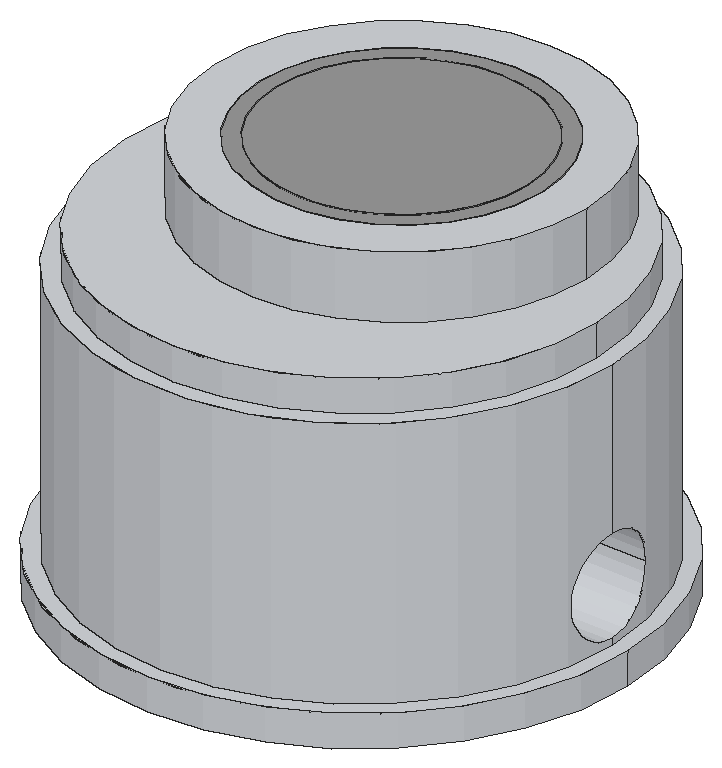
Revit family "（双通平角）1000圆形给水检查井", category 常规模型, Revit 2018
Family settings
  可将钢筋附着到主体 = 否
  圆形连接件大小 = 使用直径
  零件类型 = 标准
  基于工作平面 = 否
  总是垂直 = 是
  加载时剪切的空心 = 否
  共享 = 否
  房间计算点 = 否
Parameters (values of type "给水检查井")
  集水井高度 [instance] = 1200 mm
  附属物 [instance] = ""
  连接码 [instance] = ""
  起点埋深 [instance] = ""
  起点地面标高 [instance] = ""
  起始点号 [instance] = ""
  行X列 [instance] = ""
  终点埋深 [instance] = ""
  终止点号 [instance] = ""
  终止地面标高 [instance] = ""
  线型 [instance] = ""
  类型 [instance] = ""
  管线长度 [instance] = ""
  管径或断面尺寸 [instance] = ""
  电缆根数 [instance] = ""
  电压 [instance] = ""
  特征 [instance] = ""
  物探点号（管点编号） [instance] = ""
  流向 [instance] = ""
  材质 = none
  权属单位 [instance] = ""
  旋转线长度 = 150 mm
  新旧管线 [instance] = yes
  探测日期 [instance] = ""
  总孔数 [instance] = ""
  已用空孔 [instance] = ""
  左水管高度 [instance] = 270 mm
  左水管半径 [instance] = 150 mm
  套管尺寸（孔径） [instance] = ""
  备注 [instance] = ""
  埋设类型 [instance] = ""
  埋设日期 [instance] = ""
  地面标高 [instance] = ""
  右管拉伸长度 [instance] = 1800 mm
  右管半径 [instance] = 150 mm
  右管偏移角度 [instance] = 160.00°
  右水管高度 [instance] = 270 mm
  井筒高度 [instance] = 200 mm
  井筒 = 混凝土，现场浇注 - C15
  井盖及支座 = 钢 ASTM A242
  井板 = 混凝土，现场浇注 - C15
  井室高度 [instance] = 集水井高度 - 井筒高度 - 100 mm  # 900 mm
  井室 = 混凝土，现场浇注 - C15
  井基 = 混凝土，现场浇注 - C15
  Y坐标 [instance] = ""
  X坐标 [instance] = ""
  90度 = 30.00°
Types (18): name
  给水检查井W10
  给水检查井W9
  给水检查井W8
  给水检查井W7
  给水检查井W23
  给水检查井W22
  给水检查井W20
  给水检查井W19
  给水检查井W18
  给水检查井W17
  给水检查井W16
  给水检查井W15
  给水检查井W14
  给水检查井W13
  给水检查井W4
  给水检查井W3
  给水检查井W2
  给水检查井
Reference planes
  plane 1 "中心(前/后)": y = 0
  plane 2: z = 0
  plane 3 "中心(左/右)": x = 0
  plane 4: z = 100
  plane 5: z = 900
  plane 6: z = 1200
  plane 7: z = 1000
  plane 8: z = 270
  plane 9: z = 270
Forms (mm)
  Extrusion 1, solid
    sketch origin (0, 0, 0) x (1, 0, 0) y (0, 1, 0)
      loop
        circle (0, 0) r 850
    from 0 to 100
  Extrusion 2, solid
    sketch origin (0, 0, 0) x (1, 0, 0) y (0, 1, 0)
      loop
        circle (0, 0) r 800
      loop
        circle (0, 0) r 500
    from 100 to 900
  Extrusion 3, solid
    sketch origin (0, 0, 0) x (1, 0, 0) y (0, 1, 0)
      loop
        circle (0, 200) r 450
      loop
        circle (0, 0) r 750
    from 900 to 1000
  Extrusion 4, solid
    sketch origin (0, 160, 0) x (1, 0, 0) y (0, 1, 0)
      loop
        circle (0, 0) r 590
      loop
        circle (0, 0) r 450
    from 1000 to 1200
  Sweep 5, solid, material "钢 ASTM A242" <- "井盖及支座"
    path in 3D
      loop
        arc (450, 160, 1000) -> (0, -290, 1000) -> (-450, 160, 1000) r 450
        arc (-450, 160, 1000) -> (0, 610, 1000) -> (450, 160, 1000) r 450
    profile origin (0, 610, 1000) x (0, -1, 0) y (0, 0, -1)
      loop
        line (0, -150) -> (0, -200) -> (50, -200) -> (50, -185) -> (100, -185) -> (100, -170) -> (50, -170) -> (30, -150) -> (0, -150)
  Extrusion 6, solid, material "钢 ASTM A242" <- "井盖及支座"
    sketch origin (0, -160, 0) x (1, 0, 0) y (0, 1, 0)
      loop
        circle (0, 320) r 400
    from 1000 to 1200
  Revolve 7, void
    sketch origin (0, 1530.265, 270) x (0, 1, 0) y (-1, 0, 0)
      loop
        line (-1530.265, 920) -> (-1530.265, 0) -> (-1380.265, 0) -> (-1380.265, 920) -> (-1530.265, 920)
      axis (-1530.265, 0) -> (-1530.265, 920)
    angle from 0 to 360
  Revolve 8, void
    sketch origin (4267.2, -2744.198, 270) x (0, -1, 0) y (1, 0, 0)
      loop
        line (-2744.198, -3986.56) -> (-2744.198, -3267.213) -> (-2894.198, -3267.213) -> (-2894.198, -3986.56) -> (-2744.198, -3986.56)
      axis (-2744.198, -3986.56) -> (-2744.198, -3267.213)
    angle from 0 to 360
Cuts and joins
  Revolve 7, Revolve 8 cuts Extrusion 2
Lines and regions (mm)
  sketch lines
    curve 1: arc (-450, 160, 1000) -> (0, 610, 1000) -> (450, 160, 1000) r 450
    curve 2: arc (450, 160, 1000) -> (0, -290, 1000) -> (-450, 160, 1000) r 450
  reference lines
    curve 3: line (0, 0, 270) -> (-2900, 0, 270)
    curve 4: line (0, 0, 270) -> (2940, 0, 270)
Dimensions and locks
  "井室高度": plane 5 to plane 2
  plane 7 to plane 5 = 100 mm
  "左水管高度": plane 9 to level
  "左水管半径": Revolve 7 sketch curve to Revolve 7 sketch curve
  "右水管高度": plane 8 to plane 2
  "右管半径": Revolve 8 sketch curve to Revolve 8 sketch curve
  "井筒高度": plane 6 to plane 7
  Extrusion 6 to plane 6 = 0 mm
  Sweep 5 sketch curve to Sweep 5 sketch curve to Sweep 5 sketch curve = 15 mm, 15 mm
  Sweep 5 sketch curve to Sweep 5 sketch curve = 20 mm
  aligned and locked: level to plane 2
  aligned and locked: Extrusion 2 to plane 4
  aligned and locked: Extrusion 3 to plane 5
  aligned and locked: plane 5 to Extrusion 2
  aligned and locked: plane 7 to Extrusion 3
  aligned and locked: plane 6 to Extrusion 4
  aligned and locked: Extrusion 4 to plane 7
  aligned and locked: curve 4 to Revolve 8 sketch curve
  aligned and locked: Extrusion 6 to Extrusion 3
  aligned and locked: Extrusion 4 to Extrusion 6
  aligned and locked: plane 6 to Sweep 5 sketch curve
Automatic sketch dimensions
  Extrusion 4 sketch curve to Extrusion 4 sketch curve = 0 mm  (x2)
  Extrusion 4 sketch curve to plane 3 "中心(左/右)" = 0 mm
  Extrusion 4 sketch curve to plane 1 "中心(前/后)" = 160 mm
  Sweep 5 sketch curve to profile plane = 0 mm
  Sweep 5 sketch curve to profile plane = 30 mm
  Sweep 5 sketch curve to profile plane = 50 mm
  Sweep 5 sketch curve to Sweep 5 sketch curve = 0 mm
  Sweep 5 sketch curve to Sweep 5 sketch curve = 50 mm
  Extrusion 6 sketch curve to Extrusion 6 sketch curve = 0 mm  (x2)
  Extrusion 6 sketch curve to plane 3 "中心(左/右)" = 0 mm
  Extrusion 6 sketch curve to plane 1 "中心(前/后)" = 160 mm
  Extrusion 6 sketch curve to plane 3 "中心(左/右)" = 400 mm
  curve 3 to plane 1 "中心(前/后)" = 0 mm
  curve 3 to plane 3 "中心(左/右)" = 0 mm
  curve 3 to plane 3 "中心(左/右)" = 2900 mm
  plane 1 "中心(前/后)" to curve 4 = 0 mm
  curve 4 to plane 3 "中心(左/右)" = 0 mm
  plane 3 "中心(左/右)" to curve 4 = 2940 mm
  plane 1 "中心(前/后)" to Extrusion 1 sketch curve = 0 mm
  Extrusion 1 sketch curve to plane 3 "中心(左/右)" = 0 mm
  Extrusion 2 sketch curve to Extrusion 2 sketch curve = 0 mm  (x2)
  plane 1 "中心(前/后)" to Extrusion 2 sketch curve = 0 mm
  Extrusion 2 sketch curve to plane 3 "中心(左/右)" = 0 mm
  Extrusion 3 sketch curve to Extrusion 3 sketch curve = 0 mm  (x2)
  Extrusion 3 sketch curve to plane 3 "中心(左/右)" = 0 mm  (x2)
  plane 1 "中心(前/后)" to Extrusion 3 sketch curve = 0 mm
  Extrusion 3 sketch curve to plane 1 "中心(前/后)" = 200 mm
  Extrusion 3 sketch curve to plane 3 "中心(左/右)" = 450 mm
  plane 1 "中心(前/后)" to Revolve 7 sketch curve = 0 mm  (x2)
  Revolve 7 sketch curve to plane 3 "中心(左/右)" = 0 mm  (x2)
  Revolve 7 sketch curve to plane 3 "中心(左/右)" = 920 mm
  Revolve 7 sketch curve to Revolve 7 sketch curve = 1980 mm
  plane 1 "中心(前/后)" to Revolve 8 sketch curve = 0 mm
  Revolve 8 sketch curve to plane 3 "中心(左/右)" = 0 mm
  plane 3 "中心(左/右)" to Revolve 8 sketch curve = 280.64 mm
  Revolve 8 sketch curve to Revolve 8 sketch curve = 719.347 mm
  Revolve 8 sketch curve to Revolve 8 sketch curve = 1940.013 mm
  radius of Extrusion 4 sketch curve = 590 mm
  radius of Extrusion 4 sketch curve = 450 mm
  radius of Extrusion 1 sketch curve = 850 mm
  radius of Extrusion 2 sketch curve = 800 mm
  radius of Extrusion 2 sketch curve = 500 mm
  radius of Extrusion 3 sketch curve = 750 mm
